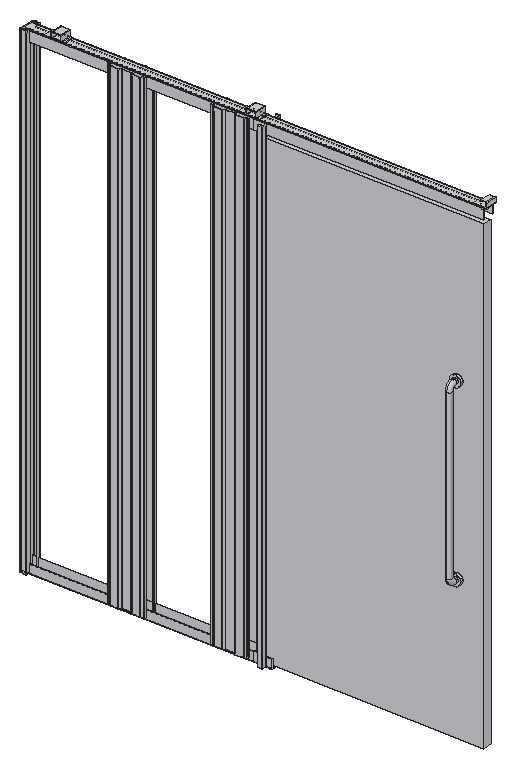
Revit family "BOS-LineaSet-One_Familie", category Türen, Revit 2017
Family settings
  Basisbauteil = Wand
  Immer vertikal = Ja
  Beim Laden mit Abzugskörper schneiden = Nein
  Gemeinsam genutzt = Nein
  Raumberechnungspunkt = Ja
Parameters (values of type "LineaSet One mit ALU 80 BOS Holz")
  Theoretisches Rohbaumaß Höhe   Theoretical Wall Opening Height Measurement [instance] = AMH Außenmaß_Höhe   Overall Height Measurement  # 2215 mm
  Theoretisches Rohbaumaß Breite   Theoretical Wall Opening Width Measurement [instance] = AMB Außenmaß_Breite   Overall Width Measurement  # 2084.5 mm
  Stoßgriffdurchmesser [instance] = 24 mm  # constant formula
  Türblatteinstand vorne = 9 mm  # constant formula
  Türblatteinstand hinten = 40 mm  # constant formula
  Türblatt geöffnet in ...% LDB [instance] = ((LDB effektiv Lichte Durchgangs Breite effektiv * Türblatt geöffnet in ...% LDB effektiv) * 100 mm / 100 mm) / LDB Lichte Durchgangs Breite  # 0
  Türblatt geöffnet in ...% LDB effektiv  Doorleaf opened in ...% Real Clearance Width [instance] = 0
  Türgriffabstand   Door handle offset [instance] = 120 mm
  Türgriff - Auswahl [instance] = if(Stoßgriffe, "Stoßgriffe", "Muschelgriffe")  # "Stoßgriffe"
  Türgriffabstand min. [instance] = 99 mm  # constant formula
  Türgriffabstand max. [instance] = 150 mm  # constant formula
  Türblatt geöffnet in ...% LDB effektiv [instance] = if(Türblatt geöffnet in ...% LDB effektiv  Doorleaf opened in ...% Real Clearance Width < 0, 0, if(Türblatt geöffnet in ...% LDB effektiv  Doorleaf opened in ...% Real Clearance Width > 100, 100, Türblatt geöffnet in ...% LDB effektiv  Doorleaf opened in ...% Real Clearance Width))  # 0
  TRB rechts [instance] = (LDB Lichte Durchgangs Breite / 2) + Einfügepunkt  # 493 mm
  TRB links [instance] = Theoretisches Rohbaumaß Breite   Theoretical Wall Opening Width Measurement - (LDB Lichte Durchgangs Breite / 2) - Einfügepunkt  # 1591.5 mm
  Material - Bürstendichtung = none
  Material - Anschraubprofil = none
  Laufkastenabstand rechts [instance] = 12.5 mm  # constant formula
  Laufkastenabstand links [instance] = 1.5 mm  # constant formula
  LDH effektiv Lichte Durchgangs Höhe effektiv [instance] = if(Auswahl LDH effektiv Lichte Durchgangs Höhe effektiv   Real Clearance Height Choice < 2, 1985 mm, 2110 mm)  # 2110 mm
  LDH Lichte Durchgangs Höhe [instance] = LDH effektiv Lichte Durchgangs Höhe effektiv + 30 mm  # 2140 mm
  LDB effektiv Lichte Durchgangs Breite effektiv [instance] = LDB Lichte Durchgangs Breite - if(Stoßgriffe, [Türblatteinstand (Griff)], 0 mm)  # 754 mm
  LDB Lichte Durchgangs Breite [instance] = if(Auswahl LDB Lichte Durchgangs Breite   Clearance Width Choice < 2, 561 mm, if(Auswahl LDB Lichte Durchgangs Breite   Clearance Width Choice = 2, 686 mm, if(Auswahl LDB Lichte Durchgangs Breite   Clearance Width Choice = 3, 811 mm, if(Auswahl LDB Lichte Durchgangs Breite   Clearance Width Choice = 4, 936 mm, 1061 mm))))  # 936 mm
  Klemmschutzabstand [instance] = 50 mm  # constant formula
  Material - Türblatt = none
  Einlaufkastenprofil 2 [instance] = 5 mm + if(LDB Lichte Durchgangs Breite < 686 mm, 182.9 mm, if(LDB Lichte Durchgangs Breite < 811 mm, 566.5 mm, if(LDB Lichte Durchgangs Breite < 936 mm, 616.5 mm, if(LDB Lichte Durchgangs Breite < 1061 mm, 648.5 mm, 738.5 mm))))  # 653.5 mm
  Einlaufkastenprofil 1 = 5 mm + 182.9 mm  # 187.9 mm
  Einfügepunkt = 25 mm  # constant formula
  DIN Richtung [instance] = "DIN neutral"  # constant formula
  Bürstendichtungslänge [instance] = LDH Lichte Durchgangs Höhe - 2 mm  # 2138 mm
  Bürstendichtung = Glastürblatt  # no
  Beplankungsstärke [instance] = (MW Maulweite   Receiving Opening - 75 mm) / 2  # 25 mm
  Anschraubprofil sichtbar [instance] = no
  ALU 100 BOS = or(LineaSet One mit ALU 100 BOS Holz, LineaSet One mit ALU 100 BOS Glas)  # no
  ALU 80 BOS = or(LineaSet One mit ALU 80 BOS Holz, LineaSet One mit ALU 80 BOS Glas)  # yes
  Zargenblechstärke = 1.5 mm  # constant formula
  Türblatteinstand (Griff) [instance] = if(Muschelgriffe, 0 mm, Türgriffabstand + Klemmschutzabstand + Stoßgriffdurchmesser / 2)  # 182 mm
  Türgriffabstand [instance] = if(Türgriffabstand   Door handle offset < Türgriffabstand min., Türgriffabstand min., if(Türgriffabstand   Door handle offset > Türgriffabstand max., Türgriffabstand max., Türgriffabstand   Door handle offset))  # 120 mm
  Türblattreferenz [instance] = LDB Lichte Durchgangs Breite + Türblatteinstand vorne - (Türblatt geöffnet in ...% LDB effektiv  Doorleaf opened in ...% Real Clearance Width * (LDB effektiv Lichte Durchgangs Breite effektiv + Türblatteinstand vorne) / 100)  # 945 mm
  Türblattabstand unten [instance] = 10 mm  # constant formula
  TAH Türblatt_Außenmaß_Höhe   Door Leaf Overall Height Measurement [instance] = LDH effektiv Lichte Durchgangs Höhe effektiv  # 2110 mm
  TAH Türblatt Außenmaß Höhe [instance] = TAH Türblatt_Außenmaß_Höhe   Door Leaf Overall Height Measurement  # 2110 mm
  TAB Türblatt_Außenmaß_Breite   Door Leaf Overall Width Measurement [instance] = LDB Lichte Durchgangs Breite + 49 mm  # 985 mm
  TAB Türblatt Außenmaß Breite [instance] = TAB Türblatt_Außenmaß_Breite   Door Leaf Overall Width Measurement  # 985 mm
  LineaSet One mit ALU 80 BOS Holz = yes
  Stoßgrifflänge [instance] = 800 mm  # constant formula
  Stoßgriffe [instance] = yes
  LineaSet One mit ALU 80 BOS Glas = no
  LineaSet One mit ALU 100 BOS Holz = no
  Wandstärke   Wall Thickness [instance] = 125 mm
  Muschelgriffe [instance] = not(Stoßgriffe)  # no
  Material - Türgriff = none
  Material - Laufschiene = none
  Material - Führungszapfen = none
  Holztürblattstärke = 40 mm  # constant formula
  Holztürblatt = or(LineaSet One mit ALU 80 BOS Holz, LineaSet One mit ALU 100 BOS Holz)  # yes
  Glastürblattstärke = 8 mm  # constant formula
  Glastürblatt = or(LineaSet One mit ALU 80 BOS Glas, LineaSet One mit ALU 100 BOS Glas)  # no
  URL = "www.BestOfSteel.de/stahlzargen/zargen-fuer-schiebetueren/lineaset-one/"
  Türblattstärke [instance] = if(Holztürblatt, Holztürblattstärke, Glastürblattstärke)  # 40 mm
  Rough Height = 0 mm  # constant formula
  Rough Width = 0 mm  # constant formula
  Rechtliche Hinweise [instance] = "www.BestOfSteel.de/tools-downloads/bim-building-information-modeling/"
  LineaSet One mit ALU 100 BOS Glas = no
  Modell = "LineaSet One mit ALU 80 BOS Holz"
  Material - Zarge = none
  Material = "grundiert, feuerverzinktes Feinblech nach DIN EN 10143"
  MW min. = 125 mm  # constant formula
  MW max. = 150 mm  # constant formula
  MW Maulweite   Receiving Opening [instance] = if(Wandstärke   Wall Thickness < MW max., MW min., MW max.)  # 125 mm
  Information in English = no
  Info-Texte sichtbar = yes
  Height [instance] = Theoretisches Rohbaumaß Höhe   Theoretical Wall Opening Height Measurement  # 2215 mm
  Hersteller = "BOS GmbH Best Of Steel, Lütkenfelde 4, D-48282 Emsdetten"
  MW Fehler [instance] = not(or(Wandstärke   Wall Thickness = MW min., Wandstärke   Wall Thickness = MW max.))  # no
  Funktion = Innen
  Dicke = 0 mm  # constant formula
  Width = 0 mm  # constant formula
  Beschreibung = "Schiebetürzarge LineaSet One, vormontiert, rahmenlos für in der Wand laufende Schiebetüren"
  Bauelement = "BOS Stahlzarge"
  BOS-Architekten-Beratung = "Tel.: +49 (0) 2572 203-203; E-Mail: architekten@BestOfSteel.de"
  BE Bodeneinstand   Foundation Bedding [instance] = 0 mm  # constant formula
  BE Bodeneinstand [instance] = if(BE Bodeneinstand   Foundation Bedding < 0 mm, 0 mm, if(BE Bodeneinstand   Foundation Bedding > BE max., BE max., BE Bodeneinstand   Foundation Bedding))  # 0 mm
  BE max. = 100 mm  # constant formula
  Auswahl LDH effektiv Lichte Durchgangs Höhe effektiv   Real Clearance Height Choice [instance] = 2
  Auswahl LDB Lichte Durchgangs Breite   Clearance Width Choice [instance] = 4
  Technische Infos rund um die Stahlzarge = "www.BestOfSteel.de/tools-downloads/technische-infos-rund-um-die-stahlzarge/"
  AMH Außenmaß_Höhe   Overall Height Measurement [instance] = LDH effektiv Lichte Durchgangs Höhe effektiv + 105 mm  # 2215 mm
  AMB Außenmaß_Breite   Overall Width Measurement [instance] = (2 * LDB Lichte Durchgangs Breite) + 212.5 mm  # 2084.5 mm
Reference planes
  plane 1 "Wand": y = 0
  plane 2 "Mitte (Links/rechts)": x = 125
  plane 3 "Hinten": y = 62.5
  plane 4 "Vorne": y = -62.5
  plane 5 "RRB links": x = -1466.5
  plane 6 "TRB rechts": x = 618
  plane 7 "TRH oben": z = 2215
  plane 8 "BE": z = 0
  plane 9 "LDH effektiv oben": z = 2110
  plane 10 "BE max.": z = -100
  plane 11 "LDB links": x = -343
  plane 12 "LDB rechts": x = 593
  plane 13 "Einlaufkastenprofil 1": x = -530.9
  plane 14 "Einlaufkastenprofil 2": x = -996.5
  plane 15 "LDH + 47": z = 2187
  plane 16 "LDH oben": z = 2140
Forms (mm)
  Sweep 1, solid, material <- "Material - Zarge", detail levels fine
    path origin (0, 0, 0) x (1, 0, 0) y (0, 0, 1)
      loop
        line (-1466.5, 0) -> (-1466.5, 2187)
    profile "BOS-Ständerprofil-LineaSet-(One)_Profil : BOS-Ständerprofil-LineaSet-(One)_Profil" origin (-1466.5, 0, 1093.5) x (-1, 0, 0) y (0, -1, 0)
      loop
        line (-30, 22) -> (-28.5, 22) -> (-28.5, 35)
        arc (-28.5, 35) -> (-28.207, 35.707) -> (-27.5, 36) r 1
        line (-27.5, 36) -> (-2.5, 36)
        arc (-2.5, 36) -> (-1.793, 35.707) -> (-1.5, 35) r 1
        line (-1.5, 35) -> (-1.5, -35)
        arc (-1.5, -35) -> (-1.793, -35.707) -> (-2.5, -36) r 1
        line (-2.5, -36) -> (-27.5, -36)
        arc (-27.5, -36) -> (-28.207, -35.707) -> (-28.5, -35) r 1
        line (-28.5, -35) -> (-28.5, -22) -> (-30, -22) -> (-30, -35)
        arc (-30, -35) -> (-29.268, -36.768) -> (-27.5, -37.5) r 2.5
        line (-27.5, -37.5) -> (-2.5, -37.5)
        arc (-2.5, -37.5) -> (-0.732, -36.768) -> (0, -35) r 2.5
        line (0, -35) -> (0, 35)
        arc (0, 35) -> (-0.732, 36.768) -> (-2.5, 37.5) r 2.5
        line (-2.5, 37.5) -> (-27.5, 37.5)
        arc (-27.5, 37.5) -> (-29.268, 36.768) -> (-30, 35) r 2.5
        line (-30, 35) -> (-30, 22)
  Sweep 2, solid, material <- "Material - Zarge", detail levels fine
    path origin (0, 0, 0) x (1, 0, 0) y (0, 0, 1)
      loop
        line (-343, 2) -> (-343, 2184)
    profile "BOS-Seitenteil-LineaSet-(One)_Profil : BOS-Seitenteil-LineaSet-(One)_Profil" origin (-343, 0, 1093) x (-1, 0, 0) y (0, -1, 0)
      loop
        line (27.5, -50) -> (45, -50) -> (45, -48.5) -> (27.5, -48.5)
        arc (27.5, -48.5) -> (26.793, -48.207) -> (26.5, -47.5) r 1
        line (26.5, -47.5) -> (26.5, -29.5)
        arc (26.5, -29.5) -> (26.793, -28.793) -> (27.5, -28.5) r 1
        line (27.5, -28.5) -> (81.5, -28.5) -> (81.5, -27) -> (27.5, -27)
        arc (27.5, -27) -> (25.732, -27.732) -> (25, -29.5) r 2.5
        line (25, -29.5) -> (25, -47.5)
        arc (25, -47.5) -> (25.732, -49.268) -> (27.5, -50) r 2.5
      loop
        arc (27.5, 50) -> (25.732, 49.268) -> (25, 47.5) r 2.5
        line (25, 47.5) -> (25, 29.5)
        arc (25, 29.5) -> (25.732, 27.732) -> (27.5, 27) r 2.5
        line (27.5, 27) -> (81.5, 27) -> (81.5, 28.5) -> (27.5, 28.5)
        arc (27.5, 28.5) -> (26.793, 28.793) -> (26.5, 29.5) r 1
        line (26.5, 29.5) -> (26.5, 47.5)
        arc (26.5, 47.5) -> (26.793, 48.207) -> (27.5, 48.5) r 1
        line (27.5, 48.5) -> (45, 48.5) -> (45, 50) -> (27.5, 50)
  Sweep 3, void
    path origin (0, 0, 0) x (1, 0, 0) y (0, 0, 1)
      loop
        line (-343, 46) -> (-343, 2140)
    profile origin (-343, 0, 1093) x (-1, 0, 0) y (0, -1, 0)
      loop
        line (81.5, -28.5) -> (81.5, 28.5) -> (35, 28.5) -> (35, -28.5) -> (81.5, -28.5)
  Sweep 4, solid, material <- "Material - Zarge", detail levels fine
    path origin (0, 0, 0) x (1, 0, 0) y (0, 0, 1)
      loop
        line (-530.9, 8) -> (-530.9, 2178)
    profile "BOS-Einlaufkastenprofil-LineaSet-(One)_Profil : BOS-Einlaufkastenprofil-LineaSet-(One)_Profil" origin (-530.9, 0, 1093) x (-1, 0, 0) y (0, -1, 0)
      loop
        arc (-67.482, -36) -> (-68.732, -35.665) -> (-69.648, -34.75) r 2.5
        line (-69.648, -34.75) -> (-72.967, -29)
        arc (-72.967, -29) -> (-74.431, -27.536) -> (-76.431, -27) r 4
        line (-76.431, -27) -> (-85, -27) -> (-85, -28.5) -> (-76.431, -28.5)
        arc (-76.431, -28.5) -> (-75.181, -28.835) -> (-74.266, -29.75) r 2.5
        line (-74.266, -29.75) -> (-70.947, -35.5)
        arc (-70.947, -35.5) -> (-69.482, -36.964) -> (-67.482, -37.5) r 4
        line (-67.482, -37.5) -> (-30.518, -37.5)
        arc (-30.518, -37.5) -> (-28.518, -36.964) -> (-27.053, -35.5) r 4
        line (-27.053, -35.5) -> (-23.734, -29.75)
        arc (-23.734, -29.75) -> (-22.819, -28.835) -> (-21.569, -28.5) r 2.5
        line (-21.569, -28.5) -> (21.569, -28.5)
        arc (21.569, -28.5) -> (22.819, -28.835) -> (23.734, -29.75) r 2.5
        line (23.734, -29.75) -> (27.053, -35.5)
        arc (27.053, -35.5) -> (28.518, -36.964) -> (30.518, -37.5) r 4
        line (30.518, -37.5) -> (67.482, -37.5)
        arc (67.482, -37.5) -> (69.482, -36.964) -> (70.947, -35.5) r 4
        line (70.947, -35.5) -> (74.266, -29.75)
        arc (74.266, -29.75) -> (75.181, -28.835) -> (76.431, -28.5) r 2.5
        line (76.431, -28.5) -> (85, -28.5) -> (85, -27) -> (76.431, -27)
        arc (76.431, -27) -> (74.431, -27.536) -> (72.967, -29) r 4
        line (72.967, -29) -> (69.648, -34.75)
        arc (69.648, -34.75) -> (68.732, -35.665) -> (67.482, -36) r 2.5
        line (67.482, -36) -> (30.518, -36)
        arc (30.518, -36) -> (29.268, -35.665) -> (28.352, -34.75) r 2.5
        line (28.352, -34.75) -> (25.033, -29)
        arc (25.033, -29) -> (23.569, -27.536) -> (21.569, -27) r 4
        line (21.569, -27) -> (-21.569, -27)
        arc (-21.569, -27) -> (-23.569, -27.536) -> (-25.033, -29) r 4
        line (-25.033, -29) -> (-28.352, -34.75)
        arc (-28.352, -34.75) -> (-29.268, -35.665) -> (-30.518, -36) r 2.5
        line (-30.518, -36) -> (-67.482, -36)
      loop
        line (-67.482, 36) -> (-30.518, 36)
        arc (-30.518, 36) -> (-29.268, 35.665) -> (-28.352, 34.75) r 2.5
        line (-28.352, 34.75) -> (-25.033, 29)
        arc (-25.033, 29) -> (-23.569, 27.536) -> (-21.569, 27) r 4
        line (-21.569, 27) -> (21.569, 27)
        arc (21.569, 27) -> (23.569, 27.536) -> (25.033, 29) r 4
        line (25.033, 29) -> (28.352, 34.75)
        arc (28.352, 34.75) -> (29.268, 35.665) -> (30.518, 36) r 2.5
        line (30.518, 36) -> (67.482, 36)
        arc (67.482, 36) -> (68.732, 35.665) -> (69.648, 34.75) r 2.5
        line (69.648, 34.75) -> (72.967, 29)
        arc (72.967, 29) -> (74.431, 27.536) -> (76.431, 27) r 4
        line (76.431, 27) -> (85, 27) -> (85, 28.5) -> (76.431, 28.5)
        arc (76.431, 28.5) -> (75.181, 28.835) -> (74.266, 29.75) r 2.5
        line (74.266, 29.75) -> (70.947, 35.5)
        arc (70.947, 35.5) -> (69.482, 36.964) -> (67.482, 37.5) r 4
        line (67.482, 37.5) -> (30.518, 37.5)
        arc (30.518, 37.5) -> (28.518, 36.964) -> (27.053, 35.5) r 4
        line (27.053, 35.5) -> (23.734, 29.75)
        arc (23.734, 29.75) -> (22.819, 28.835) -> (21.569, 28.5) r 2.5
        line (21.569, 28.5) -> (-21.569, 28.5)
        arc (-21.569, 28.5) -> (-22.819, 28.835) -> (-23.734, 29.75) r 2.5
        line (-23.734, 29.75) -> (-27.053, 35.5)
        arc (-27.053, 35.5) -> (-28.518, 36.964) -> (-30.518, 37.5) r 4
        line (-30.518, 37.5) -> (-67.482, 37.5)
        arc (-67.482, 37.5) -> (-69.482, 36.964) -> (-70.947, 35.5) r 4
        line (-70.947, 35.5) -> (-74.266, 29.75)
        arc (-74.266, 29.75) -> (-75.181, 28.835) -> (-76.431, 28.5) r 2.5
        line (-76.431, 28.5) -> (-85, 28.5) -> (-85, 27) -> (-76.431, 27)
        arc (-76.431, 27) -> (-74.431, 27.536) -> (-72.967, 29) r 4
        line (-72.967, 29) -> (-69.648, 34.75)
        arc (-69.648, 34.75) -> (-68.732, 35.665) -> (-67.482, 36) r 2.5
  Sweep 5, solid, material <- "Material - Zarge", detail levels fine
    path origin (0, 0, 0) x (1, 0, 0) y (0, 0, 1)
      loop
        line (-996.5, 8) -> (-996.5, 2178)
    profile "BOS-Einlaufkastenprofil-LineaSet-(One)_Profil : BOS-Einlaufkastenprofil-LineaSet-(One)_Profil" origin (-996.5, 0, 1093) x (-1, 0, 0) y (0, -1, 0)
      loop
        arc (-67.482, -36) -> (-68.732, -35.665) -> (-69.648, -34.75) r 2.5
        line (-69.648, -34.75) -> (-72.967, -29)
        arc (-72.967, -29) -> (-74.431, -27.536) -> (-76.431, -27) r 4
        line (-76.431, -27) -> (-85, -27) -> (-85, -28.5) -> (-76.431, -28.5)
        arc (-76.431, -28.5) -> (-75.181, -28.835) -> (-74.266, -29.75) r 2.5
        line (-74.266, -29.75) -> (-70.947, -35.5)
        arc (-70.947, -35.5) -> (-69.482, -36.964) -> (-67.482, -37.5) r 4
        line (-67.482, -37.5) -> (-30.518, -37.5)
        arc (-30.518, -37.5) -> (-28.518, -36.964) -> (-27.053, -35.5) r 4
        line (-27.053, -35.5) -> (-23.734, -29.75)
        arc (-23.734, -29.75) -> (-22.819, -28.835) -> (-21.569, -28.5) r 2.5
        line (-21.569, -28.5) -> (21.569, -28.5)
        arc (21.569, -28.5) -> (22.819, -28.835) -> (23.734, -29.75) r 2.5
        line (23.734, -29.75) -> (27.053, -35.5)
        arc (27.053, -35.5) -> (28.518, -36.964) -> (30.518, -37.5) r 4
        line (30.518, -37.5) -> (67.482, -37.5)
        arc (67.482, -37.5) -> (69.482, -36.964) -> (70.947, -35.5) r 4
        line (70.947, -35.5) -> (74.266, -29.75)
        arc (74.266, -29.75) -> (75.181, -28.835) -> (76.431, -28.5) r 2.5
        line (76.431, -28.5) -> (85, -28.5) -> (85, -27) -> (76.431, -27)
        arc (76.431, -27) -> (74.431, -27.536) -> (72.967, -29) r 4
        line (72.967, -29) -> (69.648, -34.75)
        arc (69.648, -34.75) -> (68.732, -35.665) -> (67.482, -36) r 2.5
        line (67.482, -36) -> (30.518, -36)
        arc (30.518, -36) -> (29.268, -35.665) -> (28.352, -34.75) r 2.5
        line (28.352, -34.75) -> (25.033, -29)
        arc (25.033, -29) -> (23.569, -27.536) -> (21.569, -27) r 4
        line (21.569, -27) -> (-21.569, -27)
        arc (-21.569, -27) -> (-23.569, -27.536) -> (-25.033, -29) r 4
        line (-25.033, -29) -> (-28.352, -34.75)
        arc (-28.352, -34.75) -> (-29.268, -35.665) -> (-30.518, -36) r 2.5
        line (-30.518, -36) -> (-67.482, -36)
      loop
        line (-67.482, 36) -> (-30.518, 36)
        arc (-30.518, 36) -> (-29.268, 35.665) -> (-28.352, 34.75) r 2.5
        line (-28.352, 34.75) -> (-25.033, 29)
        arc (-25.033, 29) -> (-23.569, 27.536) -> (-21.569, 27) r 4
        line (-21.569, 27) -> (21.569, 27)
        arc (21.569, 27) -> (23.569, 27.536) -> (25.033, 29) r 4
        line (25.033, 29) -> (28.352, 34.75)
        arc (28.352, 34.75) -> (29.268, 35.665) -> (30.518, 36) r 2.5
        line (30.518, 36) -> (67.482, 36)
        arc (67.482, 36) -> (68.732, 35.665) -> (69.648, 34.75) r 2.5
        line (69.648, 34.75) -> (72.967, 29)
        arc (72.967, 29) -> (74.431, 27.536) -> (76.431, 27) r 4
        line (76.431, 27) -> (85, 27) -> (85, 28.5) -> (76.431, 28.5)
        arc (76.431, 28.5) -> (75.181, 28.835) -> (74.266, 29.75) r 2.5
        line (74.266, 29.75) -> (70.947, 35.5)
        arc (70.947, 35.5) -> (69.482, 36.964) -> (67.482, 37.5) r 4
        line (67.482, 37.5) -> (30.518, 37.5)
        arc (30.518, 37.5) -> (28.518, 36.964) -> (27.053, 35.5) r 4
        line (27.053, 35.5) -> (23.734, 29.75)
        arc (23.734, 29.75) -> (22.819, 28.835) -> (21.569, 28.5) r 2.5
        line (21.569, 28.5) -> (-21.569, 28.5)
        arc (-21.569, 28.5) -> (-22.819, 28.835) -> (-23.734, 29.75) r 2.5
        line (-23.734, 29.75) -> (-27.053, 35.5)
        arc (-27.053, 35.5) -> (-28.518, 36.964) -> (-30.518, 37.5) r 4
        line (-30.518, 37.5) -> (-67.482, 37.5)
        arc (-67.482, 37.5) -> (-69.482, 36.964) -> (-70.947, 35.5) r 4
        line (-70.947, 35.5) -> (-74.266, 29.75)
        arc (-74.266, 29.75) -> (-75.181, 28.835) -> (-76.431, 28.5) r 2.5
        line (-76.431, 28.5) -> (-85, 28.5) -> (-85, 27) -> (-76.431, 27)
        arc (-76.431, 27) -> (-74.431, 27.536) -> (-72.967, 29) r 4
        line (-72.967, 29) -> (-69.648, 34.75)
        arc (-69.648, 34.75) -> (-68.732, 35.665) -> (-67.482, 36) r 2.5
  Sweep 6, void
    path origin (0, 0, 0) x (1, 0, 0) y (0, 0, 1)
      loop
        line (125, 0) -> (125, 2110)
    profile "BOS-AK-LineaSet-(One)_Profil : BOS-AK-LineaSet-(One)_Profil" origin (125, 0, 1055) x (-1, 0, 0) y (0, -1, 0)
      loop
        line (1591.5, -37.5) -> (1591.5, 37.5) -> (513, 37.5) -> (513, 50) -> (493, 50) -> (493, 27) -> (468, 27) -> (468, 62.5) -> (-468, 62.5) -> (-468, 27) -> (-480.5, 27) -> (-480.5, -27) -> (-468, -27) -> (-468, -62.5) -> (468, -62.5) -> (468, -27) -> (493, -27) -> (493, -50) -> (513, -50) -> (513, -37.5) -> (1591.5, -37.5)
  Sweep 7, void
    path origin (0, 0, 2110) x (-1, 0, 0) y (0, -1, 0)
      loop
        line (1466.5, 0) -> (-618, 0)
    profile "BOS-AK-Laufkasten-LineaSet-(One)_Profil : BOS-AK-Laufkasten-LineaSet-(One)_Profil" origin (-424.25, 0, 2110) x (0, 1, 0) y (0, 0, 1)
      loop
        line (-37.5, 105) -> (-37.5, 30) -> (-27, 30) -> (-27, 0) -> (27, 0) -> (27, 30) -> (37.5, 30) -> (37.5, 105) -> (-37.5, 105)
  Sweep 8, solid, material <- "Material - Bürstendichtung", visible <- "Bürstendichtung", detail levels fine
    path origin (0, 0, 0) x (1, 0, 0) y (0, 0, 1)
      loop
        line (-343, 46) -> (-343, 2110)
    profile "BOS-Bürstendichtung_Profil : BOS-Bürstendichtung_Profil" origin (-343, 0, 1078) x (-1, 0, 0) y (0, -1, 0)
      loop
        line (26.6, 31.75) -> (26.6, 29.25) -> (36.1, 29.25) -> (36.1, 26.25) -> (26.6, 26.25) -> (26.6, 23.75) -> (40.065, 23.75) -> (35.041, 5) -> (45.647, 5) -> (40.623, 23.75) -> (44.6, 23.75) -> (44.6, 31.75) -> (26.6, 31.75)
      loop
        line (26.6, -31.75) -> (44.6, -31.75) -> (44.6, -23.75) -> (40.623, -23.75) -> (45.647, -5) -> (35.041, -5) -> (40.065, -23.75) -> (26.6, -23.75) -> (26.6, -26.25) -> (36.1, -26.25) -> (36.1, -29.25) -> (26.6, -29.25) -> (26.6, -31.75)
Cuts and joins
  Sweep 3 cuts Sweep 2
Lines and regions (mm)
  reference lines
    curve 1: line (65, 612.5, 0) -> (185, 612.5, 0)
    curve 2: line (65, -612.5, 0) -> (185, -612.5, 0)
    curve 3: line (1118, 62.5, 0) -> (1118, -62.5, 0)
Text (mm)
  text "Außen     " at (-1696.17, 830.944, 0), in view "Ref.-Ebene"
  text "Außen" at (0, 1409.804, 2854.306), in view "Links"
  text "Placement side" at (0, 499.811, 2980.732), in view "Rechts"
Dimensions and locks
  locked: plane 3 "Hinten" to host wall
  locked: host wall to plane 4 "Vorne" at 0
  level to plane 7 "TRH oben" = 2215 mm
  "BE Bodeneinstand": plane 8 "BE" to level
  "Wandstärke   Wall Thickness": host wall to host wall
  "Theoretisches Rohbaumaß Höhe   Theoretical Wall Opening Height Measurement": plane 7 "TRH oben" to level
  curve 2 to plane 4 "Vorne" to plane 3 "Hinten" to curve 1 = 550 mm, 125 mm, 550 mm
  "BE max.": level to plane 10 "BE max."
  equal spacing: plane 11 "LDB links", plane 2 "Mitte (Links/rechts)", plane 12 "LDB rechts"
  "LDB Lichte Durchgangs Breite": plane 11 "LDB links" to plane 12 "LDB rechts"
  plane 6 "TRB rechts" to curve 3 = 500 mm
  "LDH effektiv Lichte Durchgangs Höhe effektiv": plane 9 "LDH effektiv oben" to level
  "TRB links": plane 2 "Mitte (Links/rechts)" to plane 5 "RRB links"
  "TRB rechts": plane 6 "TRB rechts" to plane 2 "Mitte (Links/rechts)"
  Sweep 3 sketch curve to Sweep 3 sketch curve = 46.5 mm
  plane 7 "TRH oben" to Sweep 2 sketch curve = 31 mm
  Sweep 2 sketch curve to level = 2 mm
  Sweep 3 sketch curve to cut or joined group of Sweep 2, Sweep 3 = 44 mm
  cut or joined group of Sweep 2, Sweep 3 to Sweep 3 sketch curve = 44 mm
  Sweep 4 sketch curve to level = 8 mm
  Sweep 4 sketch curve to plane 15 "LDH + 47" = 9 mm
  level to Sweep 5 sketch curve = 8 mm
  Sweep 5 sketch curve to plane 15 "LDH + 47" = 9 mm
  "Einlaufkastenprofil 2": plane 11 "LDB links" to plane 14 "Einlaufkastenprofil 2"
  "Einlaufkastenprofil 1": plane 11 "LDB links" to plane 13 "Einlaufkastenprofil 1"
  "LDH Lichte Durchgangs Höhe": plane 16 "LDH oben" to level
  plane 15 "LDH + 47" to plane 16 "LDH oben" = 47 mm
  aligned and locked: host wall to plane 1 "Wand"
  aligned and locked: plane 11 "LDB links" to nested 2
  aligned and locked: plane 5 "RRB links" to nested 4
  aligned and locked: plane 1 "Wand" to nested 4
  aligned and locked: nested 5 to plane 1 "Wand"
  aligned and locked: plane 5 "RRB links" to Sweep 1 sketch curve
  aligned and locked: level to Sweep 1 sketch curve
  aligned and locked: nested 4 to nested 6  (x2)
  aligned and locked: plane 11 "LDB links" to Sweep 2 sketch curve
  aligned and locked: Sweep 3 sketch curve to Sweep 2  (x3)
  aligned and locked: nested 6 to nested 4
  aligned and locked: plane 13 "Einlaufkastenprofil 1" to Sweep 4 sketch curve
  aligned and locked: plane 14 "Einlaufkastenprofil 2" to Sweep 5 sketch curve
  aligned and locked: plane 2 "Mitte (Links/rechts)" to Sweep 6 sketch curve
  aligned and locked: level to Sweep 6 sketch curve
  aligned and locked: plane 9 "LDH effektiv oben" to Sweep 6 sketch curve
  aligned and locked: plane 5 "RRB links" to Sweep 7 sketch curve
  aligned and locked: plane 6 "TRB rechts" to Sweep 7 sketch curve
  aligned and locked: plane 1 "Wand" to Sweep 7 sketch curve
  aligned and locked: plane 1 "Wand" to nested 1
  aligned and locked: plane 6 "TRB rechts" to nested 1
  aligned and locked: nested 3 to cut or joined group of Sweep 2, Sweep 3  (x2)
  aligned and locked: curve 2 to nested 8
  aligned and locked: nested 8 to plane 2 "Mitte (Links/rechts)"
  aligned and locked: curve 1 to nested 9
  aligned and locked: plane 2 "Mitte (Links/rechts)" to nested 9
  aligned and locked: nested 7 to curve 3
  aligned and locked: plane 1 "Wand" to nested 7
  aligned and locked: plane 11 "LDB links" to Sweep 8 sketch curve
  aligned and locked: Sweep 8 sketch curve to cut or joined group of Sweep 2, Sweep 3
  aligned and locked: plane 9 "LDH effektiv oben" to Sweep 8 sketch curve
  aligned and locked: plane 2 "Mitte (Links/rechts)" to nested 10
  aligned and locked: nested 10 to plane 4 "Vorne"
  aligned and locked: plane 16 "LDH oben" to nested 5
Automatic sketch dimensions
  host wall to curve 3 = 0 mm
  curve 3 to host wall = 0 mm
  plane 2 "Mitte (Links/rechts)" to curve 1 = 60 mm
  plane 2 "Mitte (Links/rechts)" to curve 2 = 60 mm
  curve 1 to plane 2 "Mitte (Links/rechts)" = 60 mm
  curve 2 to plane 2 "Mitte (Links/rechts)" = 60 mm
  Sweep 1 sketch curve to plane 7 "TRH oben" = 28 mm
  Sweep 3 sketch curve to plane 11 "LDB links" = 0 mm
Nested families
  nested 1: "BOS-BOS_Modell" at (618, 1.129, 1050), type "BOS-BOS_Modell", not visible
    with Abstand 12.5 mm
  nested 2: "BOS-Türblatt-Schiebetürzargen_Modell" at (-414, -109, 0), type "BOS-Türblatt-Schiebetürzargen_Modell"
  nested 3: "BOS-Logo_Modell" at (-376.5, 40.201, 0), type "BOS-Logo_Modell", detail levels fine
  nested 4: "BOS-Bodenprofil-LineaSet-(One)_Modell" at (-220.311, -31.643, 0), type "BOS-Bodenprofil-LineaSet-(One)_Modell", detail levels fine
  nested 5: "BOS-Laufkasten-LineaSet-(One)_Modell" at (-231.516, -100, 2140), type "BOS-Laufkasten-LineaSet-(One)_Modell", detail levels fine
    with Laufschienenlänge 2015.5 mm, Laufkastenlänge 2070.5 mm, Laufkastenabstand rechts 12.5 mm, Anschraubprofil no
  nested 6: "BOS-Führungszapfen-Holz-Glas_Model" at (-859.666, 116.677, 1.5), type "BOS-Führungszapfen-Holz-Glas_Model", detail levels fine
  nested 7: "BOS-Info-Texte_Beschriftung" at (1118, -0.955, 0), visible <- "MW Fehler", type "Maulweite Fehlermeldung"
  nested 8: "BOS-Info-Texte_Beschriftung" at (125, -613.455, 0), visible <- "Info-Texte sichtbar", type "Rechtliche Hinweise"
  nested 9: "BOS-Info-Texte_Beschriftung" at (125, 611.545, 0), visible <- "Info-Texte sichtbar", type "Technische Hinweise Norm"
  nested 10: "BOS-Beplankung-LineaSet-(One)_Detail" at (97.5, -62.5, 0), type "BOS-Beplankung-LineaSet-(One)_Detail", detail levels fine
Definition of nested family "BOS-Türblatt-Schiebetürzargen_Modell"
  Parameters (values of type "BOS-Türblatt-Schiebetürzargen_Modell")
    URL = "www.BestOfSteel.de"
    Türblattreferenz = 945 mm
    Technische Infos rund um die Stahlzarge = "www.BestOfSteel.de/tools-downloads/technische-infos-rund-um-die-stahlzarge/"
    Stoßgrifflänge = 800 mm
    Türgriffabstand = 120 mm
    Stoßgriffdurchmesser = 24 mm
    Muschelgriffüberstand = if(Holztürblatt, 1.5 mm, 9 mm)  # 1.5 mm
    Muschelgrifftiefe = if(Holztürblatt, 10 mm, Türblattstärke / 2)  # 10 mm
    Griffposition = if(DIN links, Türgriffabstand, TAB Türblatt Außenmaß Breite - Türgriffabstand)  # 865 mm
    Führungsnuttiefe = if(Holztürblatt, 18 mm, 0 mm)  # 18 mm
    Stoßgriffe = yes
    Türblattversatz = 0 mm
    Türblattstärke = 40 mm
    Türblattabstand unten = 10 mm
    TAH Türblatt Außenmaß Höhe = 2110 mm
    TAB Türblatt Außenmaß Breite = 985 mm
    Muschelgriffe = no
    Rechtliche Hinweise = "www.BestOfSteel.de/tools-downloads/bim-building-information-modeling/"
    Model = ""
    Material - Türgriff = none
    Material - Türblatt = none
    Holztürblatt = yes
    Manufacturer = ""
    Glastürblatt = no
    Führungsnutbreite = 8 mm
    Fräsextrusionsende = if(not(Muschelgriffe), 0 mm, if(Holztürblatt, -10 mm, -Türblattstärke / 2))  # 0 mm
    Fräsextrusionsbeginn = if(not(Muschelgriffe), 1 mm, 0 mm)  # 1 mm
    Drückerhöhe = 1050 mm
    DIN rechts = yes
    DIN links = no
    Description = "Holz- Glastürblatt für Schiebetürzargen"
    Keynote = "BOS Modell"
    BOS-Architekten-Beratung = "Tel.: +49 (0) 2572 203-203, Fax -209; E-Mail: architekten@BestOfSteel.de"
  Reference planes
    plane 1: y = 109
    plane 2: z = 0
    plane 3: x = 31
    plane 4: x = 1016
    plane 5: y = 129
    plane 6: y = 89
    plane 7: z = 10
    plane 8: z = 2120
    plane 9: z = 28
    plane 10: y = 109
    plane 11: y = 109
    plane 12: y = 113
    plane 13: y = 105
    plane 14: z = 1050
    plane 15: x = 896
    plane 16: x = 71
  Forms (mm)
    Extrusion 1, solid, material <- "Material - Türblatt", detail levels medium+fine
      sketch origin (0, 0, 0) x (1, 0, 0) y (0, 1, 0)
        loop
          line (31, 129) -> (31, 89) -> (1016, 89) -> (1016, 129) -> (31, 129)
      from 10 to 2120
    Extrusion 2, void
      sketch origin (31, -12.856, 0) x (0, 1, 0) y (0, 0, 1)
        loop
          line (125.856, 28) -> (117.856, 28) -> (117.856, 0) -> (125.856, 0) -> (125.856, 28)
      from 0 to 985
    Extrusion 3, void
      sketch origin (1569.406, 89, 1200) x (1, 0, 0) y (0, 0, 1)
        loop
          arc (-689.406, -184) -> (-673.406, -200) -> (-657.406, -184) r 16
          line (-657.406, -184) -> (-657.406, -116)
          arc (-657.406, -116) -> (-673.406, -100) -> (-689.406, -116) r 16
          line (-689.406, -116) -> (-689.406, -184)
      from 1 <- "Fräsextrusionsbeginn" to 0 <- "Fräsextrusionsende"
    Extrusion 4, void
      sketch origin (-112.482, 129, 1200) x (-1, 0, 0) y (0, 0, 1)
        loop
          line (-992.482, -184) -> (-992.482, -116)
          arc (-992.482, -116) -> (-1008.482, -100) -> (-1024.482, -116) r 16
          line (-1024.482, -116) -> (-1024.482, -184)
          arc (-1024.482, -184) -> (-1008.482, -200) -> (-992.482, -184) r 16
      from 1 <- "Fräsextrusionsbeginn" to 0 <- "Fräsextrusionsende"
  Cuts and joins
    Extrusion 2, Extrusion 3, Extrusion 4 cuts Extrusion 1
  Dimensions and locks
    "Türblattstärke": plane 5 to plane 6
    "Türblattversatz": plane 10 to plane 1 to plane 11
    "Türblattabstand unten": plane 7 to plane 2
    "TAB Türblatt Außenmaß Breite": plane 3 to plane 4
    "TAH Türblatt Außenmaß Höhe": plane 8 to plane 7
    equal spacing: plane 5, plane 1, plane 6
    "Drückerhöhe": plane 14 to plane 2
    "Griffposition": plane 3 to plane 15
    "Führungsnuttiefe": plane 9 to plane 7
    "Türblattreferenz": plane 16 to plane 4
    aligned and locked: level to plane 2
    aligned and locked: Extrusion 1 sketch curve to plane 4
    aligned and locked: Extrusion 1 sketch curve to plane 5
    aligned and locked: Extrusion 1 sketch curve to plane 6
    aligned and locked: plane 3 to Extrusion 1 sketch curve
    aligned and locked: Extrusion 1 to plane 7
    aligned and locked: Extrusion 1 to plane 8
    aligned and locked: plane 12 to Extrusion 2 sketch curve
    aligned and locked: plane 13 to Extrusion 2 sketch curve
    aligned and locked: Extrusion 2 sketch curve to plane 9
    aligned and locked: plane 2 to Extrusion 2 sketch curve
    aligned and locked: Extrusion 2 to plane 3
    aligned and locked: plane 4 to Extrusion 2
    aligned and locked: nested 1 to plane 14
    aligned and locked: plane 14 to nested 2
    aligned and locked: nested 1 to plane 15
    aligned and locked: plane 15 to nested 2
    aligned and locked: plane 6 to nested 2
    aligned and locked: plane 5 to nested 1
    aligned and locked: Extrusion 3 sketch curve to nested 1  (x2)
    aligned and locked: Extrusion 4 sketch curve to cut or joined group of Extrusion 1, Extrusion 2, Extrusion 3, Extrusion 4  (x2)
    aligned and locked: nested 4 to plane 14
    aligned and locked: plane 14 to nested 3
    aligned and locked: plane 5 to nested 4
    aligned and locked: plane 6 to nested 3
    aligned and locked: nested 4 to plane 15
    aligned and locked: plane 15 to nested 3
  Nested families
    nested 1: "BOS-Muschelgriff_Modell" at (896, 133.91, 1050), visible <- "Muschelgriffe", type "BOS-Muschelgriff_Modell", detail levels fine
    nested 2: "BOS-Muschelgriff_Modell" at (896, 84.09, 1050), visible <- "Muschelgriffe", type "BOS-Muschelgriff_Modell", detail levels fine
    nested 3: "BOS-Stoßgriff_Modell" at (896, 89, 1050), visible <- "Stoßgriffe", type "BOS-Stoßgriff_Modell", detail levels fine
      with Stoßgriffradius 12 mm, Stoßgriffdurchmesser 24 mm
    nested 4: "BOS-Stoßgriff_Modell" at (896, 129, 1050), visible <- "Stoßgriffe", type "BOS-Stoßgriff_Modell", detail levels fine
      with Stoßgriffradius 12 mm, Stoßgriffdurchmesser 24 mm
  Definition of nested family "BOS-Muschelgriff_Modell"
    Parameters (values of type "BOS-Muschelgriff_Modell")
      URL = "www.BestOfSteel.de"
      Rechtliche Hinweise = "www.BestOfSteel.de/tools-downloads/bim-building-information-modeling/"
      Muschelgriffüberstand = 1.5 mm
      Muschelgrifftiefe = 10 mm
      Material - Türgriff = none
      Description = "Muschelgriff"
      Keynote = "BOS Modell"
      BOS-Architekten-Beratung = "Tel.: +49 (0) 2572 203-203, Fax -209; E-Mail: architekten@BestOfSteel.de"
      Allgemeine Informationen zu Stahlzargen = "www.BestOfSteel.de/tools-downloads/technische-infos-rund-um-die-stahlzarge/"
    Reference planes
      plane 1: y = 4.91
      plane 2: z = 0
      plane 3: x = 0
      plane 4: y = 3.41
      plane 5: x = -19
      plane 6: x = 19
      plane 7: y = 12.91
      plane 8: z = 60
      plane 9: z = -60
      plane 10: y = 14.91
    Forms (mm)
      Extrusion 1, solid, material <- "Material - Türgriff"
        sketch origin (0, 4.91, 0) x (1, 0, 0) y (0, 0, 1)
          loop
            line (-19, 41) -> (-19, -41)
            arc (-19, -41) -> (0, -60) -> (19, -41) r 19
            line (19, -41) -> (19, 41)
            arc (19, 41) -> (0, 60) -> (-19, 41) r 19
        from 0 to 1.5
      Extrusion 2, solid, material <- "Material - Türgriff"
        sketch origin (0, 4.91, 0) x (1, 0, 0) y (0, 0, 1)
          loop
            line (-16, 34) -> (-16, -34)
            arc (-16, -34) -> (0, -50) -> (16, -34) r 16
            line (16, -34) -> (16, 34)
            arc (16, 34) -> (0, 50) -> (-16, 34) r 16
        from -10 to 0
      Extrusion 3, void
        sketch origin (0, 4.91, 0) x (1, 0, 0) y (0, 0, 1)
          loop
            line (-13, 34) -> (-13, -34)
            arc (-13, -34) -> (0, -47) -> (13, -34) r 13
            line (13, -34) -> (13, 34)
            arc (13, 34) -> (0, 47) -> (-13, 34) r 13
        from -8 to 1.5
    Cuts and joins
      Extrusion 3 cuts Extrusion 1
      Extrusion 3 cuts Extrusion 2
      joined: Extrusion 1, Extrusion 2
    Dimensions and locks
      equal spacing: plane 5, plane 3, plane 6
      plane 5 to plane 6 = 38 mm
      "Muschelgriffüberstand": plane 4 to plane 1
      plane 10 to plane 7 = 2 mm
      "Muschelgrifftiefe": plane 10 to plane 1
      aligned and locked: plane 7 to cut or joined group of Extrusion 1, Extrusion 2, Extrusion 3
      aligned and locked: cut or joined group of Extrusion 1, Extrusion 2, Extrusion 3 to plane 4
      aligned and locked: plane 4 to cut or joined group of Extrusion 1, Extrusion 2, Extrusion 3  (x2)
      aligned and locked: plane 10 to cut or joined group of Extrusion 1, Extrusion 2, Extrusion 3
    Automatic sketch dimensions
      Extrusion 1 sketch curve to plane 5 = 0 mm
      Extrusion 1 sketch curve to plane 3 = 0 mm
      Extrusion 1 sketch curve to plane 8 = 19 mm
      plane 9 to Extrusion 1 sketch curve = 19 mm
      Extrusion 2 sketch curve to plane 3 = 0 mm
      plane 5 to Extrusion 2 sketch curve = 3 mm
      Extrusion 2 sketch curve to plane 8 = 26 mm
      plane 9 to Extrusion 2 sketch curve = 26 mm
      Extrusion 3 sketch curve to plane 3 = 0 mm
      plane 5 to Extrusion 3 sketch curve = 6 mm
      Extrusion 3 sketch curve to plane 8 = 26 mm
      plane 9 to Extrusion 3 sketch curve = 26 mm
  Definition of nested family "BOS-Stoßgriff_Modell"
    Parameters (values of type "BOS-Stoßgriff_Modell")
      URL = "www.BestOfSteel.de"
      Stoßgrifflänge = 800 mm
      Stoßgriffradius = Stoßgriffdurchmesser / 2  # 9 mm
      Stoßgriffdurchmesser = 18 mm
      Rechtliche Hinweise = "www.BestOfSteel.de/tools-downloads/bim-building-information-modeling/"
      Model = ""
      Material - Türgriff = none
      Description = "Stoßgriff"
      Keynote = "BOS Modell"
      BOS-Architekten-Beratung = "Tel.: +49 (0) 2572 203-203, Fax -209; E-Mail: architekten@BestOfSteel.de"
      Allgemeine Informationen zu Stahlzargen = "www.BestOfSteel.de/tools-downloads/technische-infos-rund-um-die-stahlzarge/"
    Reference planes
      plane 1: y = 0
      plane 2: z = 0
      plane 3: x = 0
      plane 4: z = 400
      plane 5: z = -400
      plane 6: y = -45.5
    Forms (mm)
      Sweep 1, solid, material <- "Material - Türgriff"
        path origin (0, 0, 0) x (0, 1, 0) y (0, 0, 1)
          loop
            line (-10, 400) -> (-20.5, 400)
            arc (-20.5, 400) -> (-38.178, 392.678) -> (-45.5, 375) r 25
            line (-45.5, 375) -> (-45.5, -375)
            arc (-45.5, -375) -> (-38.178, -392.678) -> (-20.5, -400) r 25
            line (-20.5, -400) -> (-10, -400)
        profile origin (0, -15.25, 400) x (0, 0, -1) y (1, 0, 0)
          loop
            circle (0, 0) r 9
      Extrusion 2, solid, material <- "Material - Türgriff"
        sketch origin (0, 0, 0) x (1, 0, 0) y (0, 0, 1)
          loop
            circle (0, 400) r 25
          loop
            circle (0, -400) r 25
        from 0 to 10
    Cuts and joins
      joined: Sweep 1, Extrusion 2
    Dimensions and locks
      equal spacing: plane 4, plane 2, plane 5
      "Stoßgrifflänge": plane 4 to plane 5
      locked: plane 6 to plane 1 at 45.5
      "Stoßgriffradius": radius of Sweep 1 sketch curve
      aligned and locked: Sweep 1 sketch curve to plane 6
      aligned and locked: Sweep 1 sketch curve to plane 5
      aligned and locked: Sweep 1 sketch curve to plane 4
    Automatic sketch dimensions
      Extrusion 2 sketch curve to plane 3 = 0 mm  (x2)
      Extrusion 2 sketch curve to plane 5 = 0 mm
      Extrusion 2 sketch curve to plane 4 = 0 mm
      Sweep 1 sketch curve to Sweep 1 sketch curve = 10.5 mm
      plane 1 to Sweep 1 sketch curve = 20.5 mm  (x2)
      plane 1 to Sweep 1 sketch curve = 10 mm
      Sweep 1 sketch curve to plane 3 = 0 mm
      Sweep 1 sketch curve to profile plane = 0 mm
      radius of Extrusion 2 sketch curve = 25 mm  (x2)
Definition of nested family "BOS-Bodenprofil-LineaSet-(One)_Modell"
  Parameters (values of type "BOS-Bodenprofil-LineaSet-(One)_Modell")
    URL = "www.BestOfSteel.de"
    Rechtliche Hinweise = "www.BestOfSteel.de/tools-downloads/bim-building-information-modeling/"
    Material - Zarge = none
    LDB Lichte Durchgangs Breite = 936 mm
    Manufacturer = "BOS GmbH Best Of Steel, Lütkenfelde 4, D-48282 Emsdetten"
    Einfügepunkt = 25 mm
    Description = "Bodenprofil für LineaSet (One)"
    Keynote = "BOS Modell"
    BOS-Architekten-Beratung = "Tel.: +49 (0) 2572 203-203; E-Mail: architekten@BestOfSteel.de"
    Technische Infos rund um die Stahlzarge = "www.BestOfSteel.de/tools-downloads/technische-infos-rund-um-die-stahlzarge/"
    Bodenprofillänge = LDB Lichte Durchgangs Breite + 212.5 mm - Abstand links - Einfügepunkt  # 1122 mm
    Abstand links = 1.5 mm
  Reference planes
    plane 1: y = 31.643
    plane 2: z = 0
    plane 3: x = -1246.189
    plane 4: x = -1244.689
    plane 5: x = -122.689
  Forms (mm)
    Sweep 1, solid, material <- "Material - Zarge"
      path origin (0, 0, 0) x (1, 0, 0) y (0, 1, 0)
        loop
          line (-1244.689, 31.643) -> (-122.689, 31.643)
      profile origin (-683.689, 31.643, 0) x (0, 1, 0) y (0, 0, 1)
        loop
          line (27, 42) -> (25.5, 42) -> (25.5, 2.5)
          arc (25.5, 2.5) -> (25.207, 1.793) -> (24.5, 1.5) r 1
          line (24.5, 1.5) -> (-24.5, 1.5)
          arc (-24.5, 1.5) -> (-25.207, 1.793) -> (-25.5, 2.5) r 1
          line (-25.5, 2.5) -> (-25.5, 42) -> (-27, 42) -> (-27, 2.5)
          arc (-27, 2.5) -> (-26.268, 0.732) -> (-24.5, 0) r 2.5
          line (-24.5, 0) -> (24.5, 0)
          arc (24.5, 0) -> (26.268, 0.732) -> (27, 2.5) r 2.5
          line (27, 2.5) -> (27, 42)
  Dimensions and locks
    "Abstand links": plane 3 to plane 4
    "Bodenprofillänge": plane 4 to plane 5
    aligned and locked: level to plane 2
  Automatic sketch dimensions
    plane 1 to Sweep 1 sketch curve = 0 mm
    Sweep 1 sketch curve to plane 4 = 0 mm
    Sweep 1 sketch curve to plane 5 = 0 mm
    Sweep 1 sketch curve to Sweep 1 sketch curve = 0 mm  (x4)
    level to Sweep 1 sketch curve = 0 mm
    profile plane to Sweep 1 sketch curve = 27 mm
    Sweep 1 sketch curve to Sweep 1 sketch curve = 1.5 mm
    Sweep 1 sketch curve to Sweep 1 sketch curve = 1 mm  (x2)
    Sweep 1 sketch curve to profile plane = 24.5 mm
    Sweep 1 sketch curve to Sweep 1 sketch curve = 39.5 mm  (x2)
Definition of nested family "BOS-Laufkasten-LineaSet-(One)_Modell"
  Parameters (values of type "BOS-Laufkasten-LineaSet-(One)_Modell")
    TRB = 2084.5 mm
    Montagewinkeleinstand = 12.5 mm
    URL = "www.BestOfSteel.de"
    Rechtliche Hinweise = "www.BestOfSteel.de/tools-downloads/bim-building-information-modeling/"
    TRB rechts = 493 mm
    TRB links = 1591.5 mm
    Montagewinkel rechts = and(Montagewinkel, DIN rechts)  # yes
    Montagewinkel links = and(Montagewinkel, DIN links)  # no
    Montagewinkel = yes
    Material - Zarge = none
    Material - Laufschiene = none
    Material - Anschraubprofil = none
    Längenunterschied = 55 mm
    Laufschienenlänge = Laufkastenlänge - Längenunterschied  # 2017 mm
    Laufschienenabstand rechts = Längenunterschied / 2  # 27.5 mm
    Laufschienenabstand links = Längenunterschied / 2  # 27.5 mm
    Laufkastenlänge = TRB links + TRB rechts - Laufkastenabstand links - Laufkastenabstand rechts  # 2072 mm
    Laschenlänge vorne = if(DIN links, 16 mm, 37 mm)  # 37 mm
    Laschenlänge hinten = if(DIN rechts, 16 mm, 37 mm)  # 16 mm
    LDB Lichte Durchgangs Breite = 936 mm
    Manufacturer = "BOS GmbH Best Of Steel, Lütkenfelde 4, D-48282 Emsdetten"
    Einfügepunkt = 25 mm
    DIN rechts = yes
    DIN links = no
    Bügelankerreferenz 2 = if(DIN links, 151.5 mm, LDB Lichte Durchgangs Breite + 90.5 mm)  # 1026.5 mm
    Bügelankerreferenz 1 = if(DIN rechts, 151.5 mm, LDB Lichte Durchgangs Breite + 90.5 mm)  # 151.5 mm
    Bügelanker = yes
    Description = "Laufkasten LineaSet (One)"
    Keynote = "BOS Modell"
    BOS-Architekten-Beratung = "Tel.: +49 (0) 2572 203-203; E-Mail: architekten@BestOfSteel.de"
    Technische Infos rund um die Stahlzarge = "www.BestOfSteel.de/tools-downloads/technische-infos-rund-um-die-stahlzarge/"
    Anschraubprofilreferenz 2 = if(DIN rechts, TRB - Einfügepunkt - 2 * (LDB Lichte Durchgangs Breite / 3), Einfügepunkt + 2 * (LDB Lichte Durchgangs Breite / 3))  # 1435.5 mm
    Anschraubprofilreferenz 1 = if(DIN rechts, TRB - Einfügepunkt - (LDB Lichte Durchgangs Breite / 3), Einfügepunkt + (LDB Lichte Durchgangs Breite / 3))  # 1747.5 mm
    Anschraubprofil = yes
    Laufkastenabstand rechts = 11 mm
    Laufkastenabstand links = 1.5 mm
    ALU 80 BOS = yes
    ALU 100 BOS = no
  Reference planes
    plane 1: y = 73
    plane 2: z = 0
    plane 3: x = 356.516
    plane 4: x = 849.516
    plane 5: x = -1234.984
    plane 6: z = 47
    plane 7: y = 100
    plane 8: y = 127
    plane 9: x = -1233.484
    plane 10: x = 838.516
    plane 11: x = -1081.984
    plane 12: x = -206.984
    plane 13: x = 202.016
    plane 14: x = 514.016
  Forms (mm)
    Sweep 1, solid, material <- "Material - Zarge"
      path origin (0, 0, 0) x (1, 0, 0) y (0, 1, 0)
        loop
          line (-1233.484, 100) -> (838.516, 100)
      profile origin (-197.484, 100, 0) x (0, 1, 0) y (0, 0, 1)
        loop
          line (25, 0) -> (27, 0) -> (27, 44)
          arc (27, 44) -> (26.121, 46.121) -> (24, 47) r 3
          line (24, 47) -> (-24, 47)
          arc (-24, 47) -> (-26.121, 46.121) -> (-27, 44) r 3
          line (-27, 44) -> (-27, 0) -> (-25, 0) -> (-25, 44)
          arc (-25, 44) -> (-24.707, 44.707) -> (-24, 45) r 1
          line (-24, 45) -> (24, 45)
          arc (24, 45) -> (24.707, 44.707) -> (25, 44) r 1
          line (25, 44) -> (25, 0)
  Dimensions and locks
    "TRB rechts": plane 3 to plane 4
    "TRB links": plane 5 to plane 3
    equal spacing: plane 8, plane 7, plane 1
    "Laufkastenabstand links": plane 5 to plane 9
    plane 2 to plane 6 = 47 mm
    plane 8 to plane 1 = 54 mm
    "Laufkastenabstand rechts": plane 10 to plane 4
    "Bügelankerreferenz 1": plane 9 to plane 11
    "Bügelankerreferenz 2": plane 9 to plane 12
    "Anschraubprofilreferenz 1": plane 9 to plane 14
    "Anschraubprofilreferenz 2": plane 9 to plane 13
    aligned and locked: level to plane 2
    aligned and locked: Sweep 1 sketch curve to plane 6
    aligned and locked: nested 1 to plane 7
    aligned and locked: plane 10 to Sweep 1 sketch curve
    aligned and locked: plane 9 to Sweep 1 sketch curve
    aligned and locked: nested 1 to Sweep 1
    aligned and locked: Sweep 1 sketch curve to plane 2  (x2)
    aligned and locked: nested 1 to plane 9
    aligned and locked: nested 2 to plane 7
    aligned and locked: nested 3 to nested 1
    aligned and locked: nested 2 to plane 11
    aligned and locked: nested 3 to plane 12
    aligned and locked: nested 5 to plane 9
    aligned and locked: plane 10 to nested 4
    aligned and locked: nested 4 to nested 1
    aligned and locked: plane 7 to nested 5
    aligned and locked: nested 6 to nested 1
    aligned and locked: nested 7 to plane 7
    aligned and locked: nested 6 to plane 14
    aligned and locked: nested 7 to plane 13
  Automatic sketch dimensions
    Sweep 1 sketch curve to Sweep 1 sketch curve = 0 mm  (x4)
    Sweep 1 sketch curve to Sweep 1 sketch curve = 1 mm  (x2)
    Sweep 1 sketch curve to plane 7 = 0 mm
    Sweep 1 sketch curve to profile plane = 24 mm
    Sweep 1 sketch curve to Sweep 1 sketch curve = 2 mm
    profile plane to Sweep 1 sketch curve = 24 mm
  Nested families
    nested 1: "BOS-Laufschiene-ALU-80-100_Modell" at (-1233.484, 145.953, 45), type "BOS-Laufschiene-ALU-80-100_Modell"
      with Laufschienenlänge 2017 mm, Abstand rechts 27.5 mm, Abstand links 27.5 mm
    nested 2: "BOS-Bügelanker-eckig_Modell" at (-1080.598, 75, 47), visible <- "Bügelanker", type "BOS-Bügelanker-eckig_Modell"
      with Laschenlänge vorne 37 mm, Laschenlänge hinten 16 mm
    nested 3: "BOS-Bügelanker-eckig_Modell" at (-205.598, 75, 47), visible <- "Bügelanker", type "BOS-Bügelanker-eckig_Modell"
      with Laschenlänge vorne 37 mm, Laschenlänge hinten 16 mm
    nested 4: "BOS-Montagewinkel-LineaSet-(One)_Modell" at (817.402, 75, 47), visible <- "Montagewinkel rechts", type "BOS-Montagewinkel-LineaSet-(One)_Modell"
    nested 5: "BOS-Montagewinkel-LineaSet-(One)_Modell" at (-1212.371, 75, 47) x (-1, 0, 0) z (0, 0, 1), visible <- "Montagewinkel links", type "BOS-Montagewinkel-LineaSet-(One)_Modell"
    nested 6: "BOS-Anschraubprofil-LineaSet-(One)_Modell" at (462.516, 121.113, 47) x (0, -1, 0) z (0, 0, 1), visible <- "Anschraubprofil", type "BOS-Anschraubprofil-LineaSet-(One)_Modell"
    nested 7: "BOS-Anschraubprofil-LineaSet-(One)_Modell" at (150.516, 121.113, 47) x (0, -1, 0) z (0, 0, 1), visible <- "Anschraubprofil", type "BOS-Anschraubprofil-LineaSet-(One)_Modell"
  Definition of nested family "BOS-Laufschiene-ALU-80-100_Modell"
    Parameters (values of type "BOS-Laufschiene_Modell")
      URL = "www.BestOfSteel.de"
      Technische Infos rund um die Stahlzarge = "www.BestOfSteel.de/tools-downloads/technische-infos-rund-um-die-stahlzarge/"
      Rechtliche Hinweise = "www.BestOfSteel.de/tools-downloads/bim-building-information-modeling/"
      Model = ""
      Material - Laufschiene = none
      Laufschienenlänge = 320 mm
      Laufschiene ALU 100 BOS = no
      Laufschiene ALU 80 BOS = yes
      Manufacturer = "BOS GmbH Best Of Steel, Lütkenfelde 4, D-48282 Emsdetten"
      Description = "Laufschiene ALU 80-100 BOS"
      Keynote = "BOS Modell"
      BOS-Architekten-Beratung = "Tel.: +49 (0) 2572 203-203, Fax -209; E-Mail: architekten@BestOfSteel.de"
      Abstand rechts = 40 mm
      Abstand links = 40 mm
    Reference planes
      plane 1: y = -45.953
      plane 2: z = 0
      plane 3: x = 0
      plane 4: z = 0
      plane 5: x = 400
      plane 6: x = 40
      plane 7: x = 360
    Forms (mm)
      Extrusion 1, solid, material <- "Material - Laufschiene", visible <- "Laufschiene ALU 80 BOS"
        sketch origin (0, 0, 0) x (0, 1, 0) y (0, 0, 1)
          loop
            line (-58.953, -5) -> (-56.453, -2.5) -> (-35.453, -2.5) -> (-32.953, -5) -> (-32.953, -23.519) -> (-37.703, -25.734) -> (-36.646, -28) -> (-30.453, -25.112) -> (-30.453, 0) -> (-62.953, 0) -> (-62.953, -24.412) -> (-55.259, -28) -> (-54.203, -25.734) -> (-58.953, -23.519) -> (-58.953, -5)
        from 40 to 360
      Extrusion 2, solid, material <- "Material - Laufschiene", visible <- "Laufschiene ALU 100 BOS"
        sketch origin (0, 0, 0) x (0, 1, 0) y (0, 0, 1)
          loop
            line (-28.215, -39.5) -> (-28.215, 0) -> (-63.691, 0) -> (-63.691, -39.5) -> (-54.691, -39.5) -> (-54.691, -38) -> (-61.191, -35.634) -> (-61.191, -12.188) -> (-56.691, -10.55) -> (-56.691, -2.5) -> (-35.215, -2.5) -> (-35.215, -10.55) -> (-30.715, -12.188) -> (-30.715, -35.634) -> (-37.215, -38) -> (-37.215, -39.5) -> (-28.215, -39.5)
        from 40 to 360
    Dimensions and locks
      "Abstand links": plane 3 to plane 6
      "Abstand rechts": plane 7 to plane 5
      "Laufschienenlänge": plane 6 to plane 7
      aligned and locked: plane 2 to plane 4
      aligned and locked: plane 6 to Extrusion 1
      aligned and locked: plane 6 to Extrusion 2
      aligned and locked: Extrusion 2 to plane 7
      aligned and locked: Extrusion 1 to plane 7
    Automatic sketch dimensions
      Extrusion 1 sketch curve to level = 0 mm
      Extrusion 1 sketch curve to plane 1 = 17 mm
      Extrusion 1 sketch curve to level = 5 mm
      Extrusion 1 sketch curve to Extrusion 1 sketch curve = 4 mm
      Extrusion 1 sketch curve to level = 2.5 mm
      Extrusion 1 sketch curve to Extrusion 1 sketch curve = 2.5 mm  (x4)
      Extrusion 1 sketch curve to Extrusion 1 sketch curve = 3.693 mm
      Extrusion 1 sketch curve to Extrusion 1 sketch curve = 1.057 mm  (x2)
      plane 1 to Extrusion 1 sketch curve = 8.25 mm
      plane 1 to Extrusion 1 sketch curve = 10.5 mm
      Extrusion 1 sketch curve to Extrusion 1 sketch curve = 18.519 mm
      Extrusion 1 sketch curve to Extrusion 1 sketch curve = 21.019 mm
      Extrusion 1 sketch curve to Extrusion 1 sketch curve = 0.893 mm
      Extrusion 1 sketch curve to Extrusion 1 sketch curve = 1.593 mm
      Extrusion 2 sketch curve to level = 0 mm
      Extrusion 2 sketch curve to plane 1 = 17.738 mm
      Extrusion 2 sketch curve to Extrusion 2 sketch curve = 2.5 mm
      Extrusion 2 sketch curve to Extrusion 2 sketch curve = 4.5 mm  (x2)
      Extrusion 2 sketch curve to Extrusion 2 sketch curve = 6.5 mm
      plane 1 to Extrusion 2 sketch curve = 8.738 mm
      Extrusion 2 sketch curve to level = 2.5 mm
      plane 1 to Extrusion 2 sketch curve = 10.738 mm
      Extrusion 2 sketch curve to Extrusion 2 sketch curve = 7 mm
      Extrusion 2 sketch curve to Extrusion 2 sketch curve = 8.05 mm  (x2)
      Extrusion 2 sketch curve to Extrusion 2 sketch curve = 1.638 mm  (x2)
      Extrusion 2 sketch curve to Extrusion 2 sketch curve = 23.446 mm  (x2)
      Extrusion 2 sketch curve to Extrusion 2 sketch curve = 2.366 mm  (x2)
      Extrusion 2 sketch curve to Extrusion 2 sketch curve = 1.5 mm
      Extrusion 2 sketch curve to Extrusion 2 sketch curve = 3.866 mm
  Definition of nested family "BOS-Bügelanker-eckig_Modell"
    Parameters (values of type "BOS-Bügelanker-eckig_Modell")
      Default Elevation = 1219.2 mm
      Material - Zarge = none
      Laschenlänge vorne = 16 mm
      URL = "www.BestOfSteel.de"
      Rechtliche Hinweise = "www.BestOfSteel.de/tools-downloads/bim-building-information-modeling/"
      Laschenlänge hinten = 37 mm
      Hut = 45 mm
      Manufacturer = "BOS GmbH Best Of Steel, Lütkenfelde 4, D-48282 Emsdetten"
      Blechstärke = 2 mm
      Description = "Bügelanker eckig"
      Keynote = "BOS Modell"
      BOS-Architekten-Beratung = "Tel.: +49 (0) 2572 203-203; E-Mail: architekten@BestOfSteel.de"
      Technische Infos rund um die Stahlzarge = "www.BestOfSteel.de/tools-downloads/technische-infos-rund-um-die-stahlzarge/"
      Ankertiefe vorne = 28 mm
      Ankertiefe hinten = 28 mm
      Ankerhöhe = 28 mm
      Ankerbreite = 50 mm
    Reference planes
      plane 1: y = 0
      plane 2: z = 0
      plane 3: x = 21.113
      plane 4: x = -23.887
      plane 5: z = 28
      plane 6: z = 0
      plane 7: z = 0
      plane 8: x = -37.887
      plane 9: x = 56.113
      plane 10: x = -21.887
      plane 11: x = 19.113
      plane 12: y = 50
      plane 13: x = -1.387
      plane 14: z = 2
      plane 15: z = 2
      plane 16: y = 25
    Forms (mm)
      Sweep 1, solid, material <- "Material - Zarge"
        path origin (0, 0, 0) x (1, 0, 0) y (0, 1, 0)
          loop
            line (21.113, 0) -> (21.113, 50)
        profile origin (21.113, 25, 0) x (-1, 0, 0) y (0, 0, 1)
          loop
            line (59, 0) -> (59, 2) -> (46, 2)
            arc (46, 2) -> (45.293, 2.293) -> (45, 3) r 1
            line (45, 3) -> (45, 25)
            arc (45, 25) -> (44.121, 27.121) -> (42, 28) r 3
            line (42, 28) -> (3, 28)
            arc (3, 28) -> (0.879, 27.121) -> (0, 25) r 3
            line (0, 25) -> (0, 3)
            arc (0, 3) -> (-0.293, 2.293) -> (-1, 2) r 1
            line (-1, 2) -> (-35, 2) -> (-35, 0) -> (-1, 0)
            arc (-1, 0) -> (1.121, 0.879) -> (2, 3) r 3
            line (2, 3) -> (2, 25.167)
            arc (2, 25.167) -> (2.293, 25.874) -> (3, 26.167) r 1
            line (3, 26.167) -> (42, 26.167)
            arc (42, 26.167) -> (42.707, 25.874) -> (43, 25.167) r 1
            line (43, 25.167) -> (43, 3)
            arc (43, 3) -> (43.879, 0.879) -> (46, 0) r 3
            line (46, 0) -> (59, 0)
    Lines and regions (mm)
      model lines, not visible
        curve 1: line (-35.887, 0, -17) -> (-35.887, 0, -15)
        curve 2: line (-35.887, 0, -15) -> (-24.887, 0, -15)
        curve 3: line (-23.887, 0, -14) -> (-23.887, 0, 25)
        curve 4: line (-20.887, 0, 28) -> (18.113, 0, 28)
        curve 5: line (21.113, 0, 25) -> (21.113, 0, -29)
        curve 6: line (22.113, 0, -30) -> (54.113, 0, -30)
        curve 7: line (54.113, 0, -30) -> (54.113, 0, -32)
        curve 8: line (54.113, 0, -32) -> (22.113, 0, -32)
        curve 9: line (-35.887, 0, -17) -> (-24.887, 0, -17)
        curve 10: line (-21.887, 0, -14) -> (-21.887, 0, 25.167)
        curve 11: line (-20.887, 0, 26.167) -> (18.113, 0, 26.167)
        curve 12: line (19.113, 0, 25.167) -> (19.113, 0, -29)
        curve 13: arc (-24.887, 0, -15) -> (-24.18, 0, -14.707) -> (-23.887, 0, -14) r 1
        curve 14: arc (-21.887, 0, 25.167) -> (-21.594, 0, 25.874) -> (-20.887, 0, 26.167) r 1
        curve 15: arc (18.113, 0, 26.167) -> (18.82, 0, 25.874) -> (19.113, 0, 25.167) r 1
        curve 16: arc (21.113, 0, -29) -> (21.406, 0, -29.707) -> (22.113, 0, -30) r 1
        curve 17: arc (-24.887, 0, -17) -> (-22.765, 0, -16.121) -> (-21.887, 0, -14) r 3
        curve 18: arc (19.113, 0, -29) -> (19.992, 0, -31.121) -> (22.113, 0, -32) r 3
